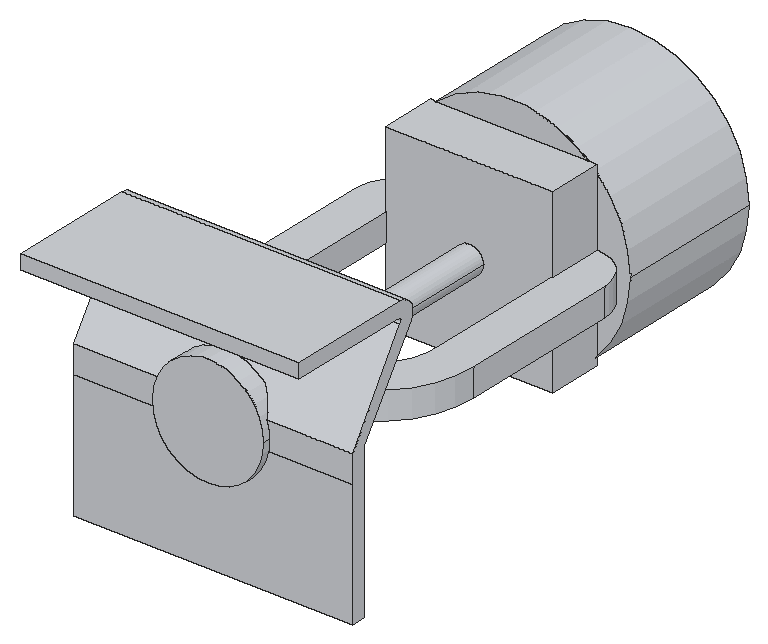
Revit family
Parameters (values of type "RASCO F1FR QREC EC9")
  Temperature Rating = 155 °F
  Response = 1
  RASCO SIN # = "R4862"
  RASCO Part # = "F1FREC91W"
  Pressure Rating = "300 PSI"
  Pressure Class = 1
  Orifice Size = 17/32"
  Orifice = (empty or 0)
  Model = "F1FR"
  Manufacturer = "RASCO"
  K-Factor = 8
  Description = "White Finish"
  Coverage = 1
Reference planes (in)
  plane 1 "Center (Front/Back)": y = 0
  plane 2: z = 0
  plane 3 "Center (Left/Right)": x = 0
Dimensions and locks (in)
  aligned and locked: plane 2 to level
Nested families (in)
  nested 1: "RASCO- F1FREC91W" at (-4.13928, -0.61466, 0), type "RASCO F1FR OREC EC9"
Connectors (in)
  piping at (-4.15164, 0.73459, 1.25584)
    settings: on nested 1, index 1, connector radius 17/32", flow factor 0, pipe flow 0 GPM, pressure drop 0.00 psi, fitting loss kfactor 0, connector angle 0.00°, fixture units 0, flow configuration 0, flow direction 0, fitting loss method 0, system type 7, connector reference index -1, connector utility 0, adjustable connector no, is connector primary yes, fitting loss table "", connector description ""
Definition of nested family "RASCO- F1FREC91W"
  Parameters (values of type "RASCO F1FR OREC EC9")
    Type Comments = ""
    Temperature Rating = 0 °F
    Response = (empty or 0)
    Pressure Rating = "0"
    Pressure Class = (empty or 0)
    Orifice Size = 0"
    Orifice = (empty or 0)
    Model = ""
    Manufacturer = ""
    K-Factor = 0
    Description = ""
    Coverage = (empty or 0)
    Assembly Code = ""
  Reference planes (in)
    plane 1 "Center (Front/Back)": y = 0
    plane 2: z = 0
    plane 3 "ref.2": z = 0.6875
    plane 4 "ref.3": z = 0.9375
    plane 5: x = -0.38065
    plane 6: x = 0.36935
    plane 7 "ref. side 1": y = 0.06402
    plane 8 "ref. side 2": y = -0.06098
    plane 9 "ref.4": z = 1.875
    plane 10 "ref.5": z = 2.3125
    plane 11 "ref.6": z = 2.4375
    plane 12 "center": x = -0.00574
  Forms (in)
    Extrusion 1, solid
      sketch origin (-0.01236, 1.37309, 1.25584) x (-1, 0, 0) y (0, 0, -1)
        loop
          circle (0, 0) r 0.53125
      from 0.02383 to 0.6875
    Extrusion 2, solid
      sketch origin (0.10949, 0.68559, 1.20407) x (-1, 0, 0) y (0, 0, -1)
        loop
          line (-0.2588, 0.356) -> (-0.2588, -0.4565) -> (0.4912, -0.4565) -> (0.4912, 0.356) -> (-0.2588, 0.356)
      from 0 to 0.25
    Extrusion 3, solid
      sketch origin (-0.01236, 1.3722, 1.25584) x (-1, 0, 0) y (0, -1, 0)
        loop
          line (-0.38065, 0.68754) -> (-0.38065, 1.58397)
          arc (-0.38065, 1.58397) -> (-0.29541, 1.78976) -> (-0.08962, 1.875) r 0.29103
          line (-0.08962, 1.875) -> (0.07524, 1.875)
          arc (0.07524, 1.875) -> (0.28321, 1.78886) -> (0.36935, 1.58089) r 0.29411
          line (0.36935, 1.58089) -> (0.36935, 0.68751)
          arc (0.36935, 0.68751) -> (0.50207, 0.74393) -> (0.55685, 0.87734) r 0.18984
          line (0.55685, 0.87734) -> (0.55685, 1.61676)
          arc (0.55685, 1.61676) -> (0.42629, 1.93194) -> (0.11111, 2.0625) r 0.44574
          line (0.11111, 2.0625) -> (-0.12259, 2.0625)
          arc (-0.12259, 2.0625) -> (-0.43765, 1.932) -> (-0.56815, 1.61694) r 0.44556
          line (-0.56815, 1.61694) -> (-0.56815, 0.87876)
          arc (-0.56815, 0.87876) -> (-0.51345, 0.74486) -> (-0.38065, 0.68754) r 0.19126
      from -0.06402 to 0.06098
    Extrusion 4, solid
      sketch origin (-0.01236, 0.43559, 1.25584) x (1, 0, 0) y (0, 0, 1)
        loop
          circle (0.00574, -0.00152) r 0.0625
      from 0 to 0.9375
    Extrusion 5, solid
      sketch origin (-0.01236, -0.50191, 1.25584) x (1, 0, 0) y (0, 0, 1)
        loop
          circle (0.00574, -0.00152) r 0.1875
      from 0 to 0.4375
    Extrusion 6, solid
      sketch origin (-0.01236, -0.89954, 1.2504) x (-1, 0, 0) y (0, 0, 1)
        loop
          circle (-0.00574, -0.00245) r 0.25
      from -0.13498 to -0.03987
    Extrusion 7, solid
      sketch origin (-0.00662, 1.2679, 1.26334) x (0, -1, 0) y (0, 0, 1)
        loop
          line (2.27263, -0.06402) -> (2.27263, 0.06098) -> (2.00466, 0.4658)
          arc (2.00466, 0.4658) -> (2.00382, 0.48409) -> (2.01953, 0.49348) r 0.01783
          line (2.01953, 0.49348) -> (2.57559, 0.49348) -> (2.57559, 0.55848) -> (2.00257, 0.55848)
          arc (2.00257, 0.55848) -> (1.94355, 0.52319) -> (1.9467, 0.4545) r 0.067
          line (1.9467, 0.4545) -> (2.20719, 0.06098) -> (2.20719, -0.62964) -> (2.27263, -0.62964) -> (2.27263, -0.06402)
      from -0.62515 to 0.62904
  Cuts and joins
    joined: Extrusion 1, Extrusion 2, Extrusion 4
